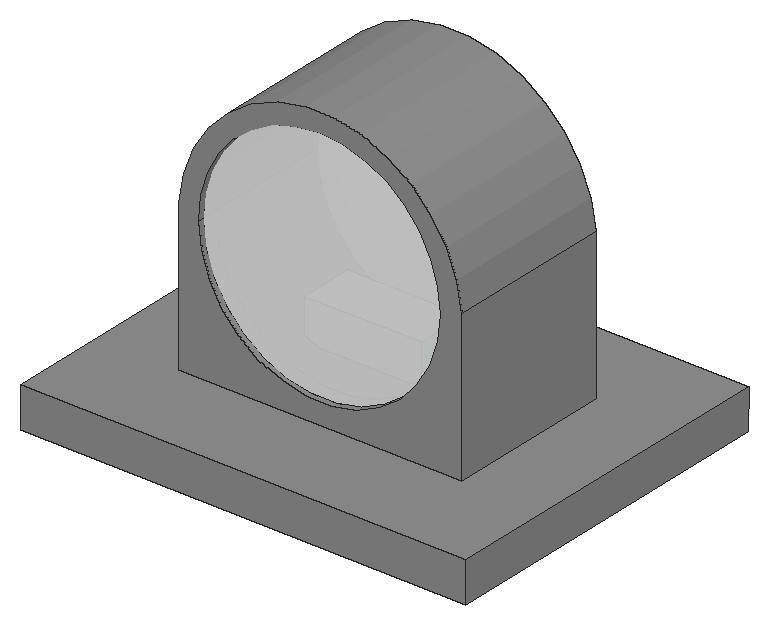
Revit family "3-721-xx - 37-721-xx - Eris (Outdoor)", category Lighting Fixtures, host Face, Revit 2018
Family settings
  Host = Face
  Round Connector Dimension = Use Diameter
  Part Type = Normal
  Cut with Voids When Loaded = No
  Light Source = Yes
  Shared = No
  Room Calculation Point = No
Parameters (values of type "3-721-16 / 37-721-16 - Eris")
  Wattage Comments = "20.00 W at 120 V"  # constant formula
  Wattage = 20 W
  built-in parameter 1150110 = 1 (stored number, unit not read)
  Voltage Input [instance] = "120 V or 277 V 50/60Hz"  # constant formula
  URL = "www.oxygenlighting.com"
  built-in parameter 1114217 = 1 (stored number, unit not read)
  Tilt Angle = 180.00°
  built-in parameter 1150109 = 1 (stored number, unit not read)
  built-in parameter 1150134 = (empty or 0)
  built-in parameter 1150113 = 1 (stored number, unit not read)
  Photometric Web File = "3-721 Eris Outdoor.ies"
  Other = none
  References [instance] = "Ref. 3 = 120V / Ref. 37 = 277 V"  # constant formula
  Model = "3-721-xx / 37-721-xx - Name"  # constant formula
  Metal Finish = 16 - Gray
  Manufacturer = "Oxygen Lighting"  # constant formula
  built-in parameter 1150105 = 64.299 (stored number, unit not read)
  Lumens = 808 lm
  built-in parameter 1150115 = 1 (stored number, unit not read)
  built-in parameter 1150137 = (empty or 0)
  built-in parameter 1150139 = (empty or 0)
  built-in parameter 1150112 = 1 (stored number, unit not read)
  built-in parameter 1150114 = 1 (stored number, unit not read)
  Lamp = "LED Array"  # constant formula
  built-in parameter 1150132 = (empty or 0)
  built-in parameter 1150102 = (empty or 0)
  built-in parameter 1150107 = 3000 (stored number, unit not read)
  built-in parameter 1150138 = (empty or 0)
  built-in parameter 1150106 = 0.64299 (stored number, unit not read)
  built-in parameter 1150127 = 10.00"
  Emit from Rectangle Length = 30.00"
  Emit Shape Visible in Rendering = no
  built-in parameter 1150104 = 3.7533 (stored number, unit not read)
  Dimming Lamp Color Temperature Shift = <None>
  Diffuser = White Opal Glass
  Default Elevation = 0.00"
  Color Filter = 16777215
  built-in parameter 1114218 = 1 (stored number, unit not read)
  Emit from Rectangle Width = 120.00"
Types (3): name | Metal Finish
  (no name) | 16 - Gray
  3-721-16 / 37-721-16 - Eris | 16 - Gray
  3-721-22 / 37-721-22 - Eris | 22- Oiled Bronze
Reference planes (in)
  plane 1 "Center (Front/Back)": y = 0
  plane 2: z = 0
  plane 3 "Center (Left/Right)": x = 0
Dimensions and locks (in)
  aligned and locked: plane 2 to host face
  aligned and locked: level to host face
Nested families (in)
  nested 1: "3-721 Eris" at (0, 0, 0), type "3-721 Eris"
Definition of nested family "3-721 Eris"
  Parameters (values of type "3-721 Eris")
    Others 2 = none
    Others 1 = none
    Metal Finish = none
    Main Diffuser = none
    Diffuser = none
    2nd Diffuser = none
  Reference planes (in)
    plane 1 "Center (Front/Back)": y = 0
    plane 2: z = 0
    plane 3 "Center (Left/Right)": x = 0
    plane 4 "Top": y = 2.38
  Forms (in)
    Extrusion 1, solid, material <- "Metal Finish"
      sketch origin (-4.92126, 77.82546, -1.97526) x (0, -1, 0) y (1, 0, 0)
        loop
          line (80.19546, 7.92126) -> (75.44546, 7.92126) -> (75.44546, 1.92126) -> (80.19546, 1.92126) -> (80.19546, 7.92126)
      from 1.97526 to 2.51526
    Extrusion 2, solid, material <- "Metal Finish"
      sketch origin (-4.92126, -0.74929, -2.51526) x (1, 0, 0) y (0, 0, 1)
        loop
          line (3.0217, 3.05526) -> (6.8317, 3.05526) -> (6.8317, 5.07442)
          arc (6.8317, 5.07442) -> (4.9267, 6.84631) -> (3.0217, 5.07442) r 1.91
          line (3.0217, 5.07442) -> (3.0217, 3.05526)
      from -1.91889 to 0.33378
    Extrusion 3, void
      sketch origin (-4.92126, -0.74929, -2.51526) x (1, 0, 0) y (0, 0, 1)
        loop
          circle (4.92126, 4.95887) r 1.625
      from -2.38188 to 0.87071
    Extrusion 4, solid, material <- "Diffuser"
      sketch origin (-4.92126, 2.38, -2.95276) x (1, 0, 0) y (0, 0, 1)
        loop
          circle (4.92126, 5.39637) r 1.625
      from 1.28073 to 1.46689
    Extrusion 5, solid, material <- "Diffuser"
      sketch origin (-4.92126, 2.38, -2.95276) x (1, 0, 0) y (0, 0, 1)
        loop
          circle (4.92126, 5.39637) r 1.625
      from 3.18217 to 3.38601
    Extrusion 6, solid
      sketch origin (0, -2.3797, 0) x (1, 0, 0) y (0, 1, 0)
        loop
          line (-0.78607, 2.03073) -> (0.78607, 2.03073) -> (0.78607, 2.75) -> (-0.78607, 2.75) -> (-0.78607, 2.03073)
      from 0.95085 to 1.50031
  Cuts and joins
    Extrusion 3 cuts Extrusion 2
  Lines and regions (in)
    model lines
      curve 1: line (-4, 0, 0) -> (4, 0, 0)
      curve 2: line (0, -4, 0) -> (0, 4, 0)
    symbolic lines
      curve 3: circle (0, 0, 0) r 2 normal (0, 0, 1)
    model lines, not visible
      curve 4: line (-13.0722, 21.77075, 0) -> (-5.0722, 21.77075, 0)
      curve 5: line (-9.0722, 17.77075, 0) -> (-9.0722, 25.77075, 0)
    symbolic lines, not visible
      curve 6: circle (-9.0722, 21.77075, 0) r 2 normal (0, 0, 1)
  Text (in)
    text "M.C." at (0.88973, 1.62995, 0), in view "Ref. Level"
    text "M.C." at (-8.18247, 23.4007, 0), in view "Ref. Level", not visible
  Dimensions and locks (in)
    Extrusion 6 sketch curve to Extrusion 6 sketch curve = 1.57215"
    aligned and locked: plane 2 to level
